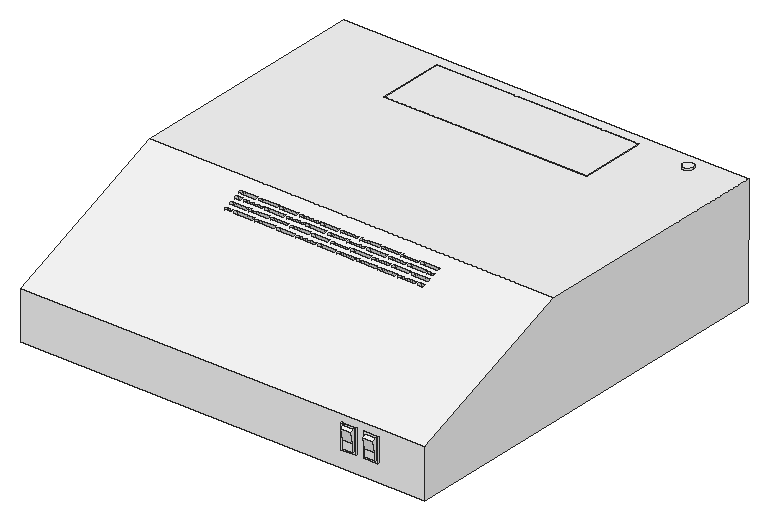
Revit family "QF_Summit_HC20WW_Under Cabinet Convertible Range Hood", category Specialty Equipment, Revit 2020 (continued)
Lines and regions (in)
  symbolic lines
    curve 155: spline (13.63454, -13.05744, 0) -> (13.61559, -13.05512, 0) -> (13.59794, -13.04831, 0) -> (13.58278, -13.03747, 0) -> (13.57114, -13.02335, 0) -> (13.56383, -13.00691, 0) -> (13.56134, -12.98926, 0) -> (13.56383, -12.97162, 0) -> (13.57114, -12.95517, 0) -> (13.58278, -12.94105, 0) -> (13.59794, -12.93022, 0) -> (13.61559, -12.9234, 0) -> (13.63454, -12.92108, 0)
    curve 156: line (13.63454, -12.92108, 0) -> (14.40287, -12.92108, 0)
    curve 157: spline (14.40287, -12.92108, 0) -> (14.42181, -12.9234, 0) -> (14.43947, -12.93022, 0) -> (14.45463, -12.94105, 0) -> (14.46626, -12.95517, 0) -> (14.47357, -12.97162, 0) -> (14.47607, -12.98926, 0) -> (14.47357, -13.00691, 0) -> (14.46626, -13.02335, 0) -> (14.45463, -13.03747, 0) -> (14.43947, -13.04831, 0) -> (14.42181, -13.05512, 0) -> (14.40287, -13.05744, 0)
    curve 158: line (14.80483, -12.77202, 0) -> (14.05213, -12.77202, 0)
    curve 159: spline (14.05213, -12.77202, 0) -> (14.03318, -12.7697, 0) -> (14.01553, -12.76289, 0) -> (14.00037, -12.75205, 0) -> (13.98873, -12.73793, 0) -> (13.98142, -12.72149, 0) -> (13.97893, -12.70384, 0) -> (13.98142, -12.6862, 0) -> (13.98873, -12.66975, 0) -> (14.00037, -12.65563, 0) -> (14.01553, -12.6448, 0) -> (14.03318, -12.63798, 0) -> (14.05213, -12.63566, 0)
    curve 160: line (14.05213, -12.63566, 0) -> (14.80483, -12.63566, 0)
    curve 161: spline (14.80483, -12.63566, 0) -> (14.82378, -12.63798, 0) -> (14.84143, -12.6448, 0) -> (14.85659, -12.65563, 0) -> (14.86823, -12.66975, 0) -> (14.87554, -12.6862, 0) -> (14.87803, -12.70384, 0) -> (14.87554, -12.72149, 0) -> (14.86823, -12.73793, 0) -> (14.85659, -12.75205, 0) -> (14.84143, -12.76289, 0) -> (14.82378, -12.7697, 0) -> (14.80483, -12.77202, 0)
    curve 162: line (14.05213, -13.21617, 0) -> (14.80483, -13.21617, 0)
    curve 163: spline (14.80483, -13.21617, 0) -> (14.82378, -13.2185, 0) -> (14.84143, -13.22531, 0) -> (14.85659, -13.23614, 0) -> (14.86823, -13.25027, 0) -> (14.87554, -13.26671, 0) -> (14.87803, -13.28436, 0) -> (14.87554, -13.302, 0) -> (14.86823, -13.31845, 0) -> (14.85659, -13.33257, 0) -> (14.84143, -13.3434, 0) -> (14.82378, -13.35021, 0) -> (14.80483, -13.35254, 0)
    curve 164: line (14.80483, -13.35254, 0) -> (14.05213, -13.35254, 0)
    curve 165: spline (14.05213, -13.35254, 0) -> (14.03318, -13.35021, 0) -> (14.01553, -13.3434, 0) -> (14.00037, -13.33257, 0) -> (13.98873, -13.31845, 0) -> (13.98142, -13.302, 0) -> (13.97893, -13.28436, 0) -> (13.98142, -13.26671, 0) -> (13.98873, -13.25027, 0) -> (14.00037, -13.23614, 0) -> (14.01553, -13.22531, 0) -> (14.03318, -13.2185, 0) -> (14.05213, -13.21617, 0)
    curve 166: line (14.60576, -13.52702, 0) -> (14.81159, -13.52702, 0)
    curve 167: spline (14.81159, -13.52702, 0) -> (14.83054, -13.52934, 0) -> (14.84819, -13.53615, 0) -> (14.86335, -13.54699, 0) -> (14.87498, -13.56111, 0) -> (14.8823, -13.57755, 0) -> (14.88479, -13.5952, 0) -> (14.8823, -13.61285, 0) -> (14.87498, -13.62929, 0) -> (14.86335, -13.64341, 0) -> (14.84819, -13.65425, 0) -> (14.83054, -13.66106, 0) -> (14.81159, -13.66338, 0)
    curve 168: line (14.81159, -13.66338, 0) -> (14.60576, -13.66338, 0)
    curve 169: spline (14.60576, -13.66338, 0) -> (14.58682, -13.66106, 0) -> (14.56916, -13.65425, 0) -> (14.554, -13.64341, 0) -> (14.54237, -13.62929, 0) -> (14.53506, -13.61285, 0) -> (14.53256, -13.5952, 0) -> (14.53506, -13.57755, 0) -> (14.54237, -13.56111, 0) -> (14.554, -13.54699, 0) -> (14.56916, -13.53615, 0) -> (14.58682, -13.52934, 0) -> (14.60576, -13.52702, 0)
    curve 170: line (14.81159, -13.05744, 0) -> (14.60576, -13.05744, 0)
    curve 171: spline (14.60576, -13.05744, 0) -> (14.58682, -13.05512, 0) -> (14.56916, -13.04831, 0) -> (14.554, -13.03747, 0) -> (14.54237, -13.02335, 0) -> (14.53506, -13.00691, 0) -> (14.53256, -12.98926, 0) -> (14.53506, -12.97162, 0) -> (14.54237, -12.95517, 0) -> (14.554, -12.94105, 0) -> (14.56916, -12.93022, 0) -> (14.58682, -12.9234, 0) -> (14.60576, -12.92108, 0)
    curve 172: line (14.60576, -12.92108, 0) -> (14.81159, -12.92108, 0)
    curve 173: spline (14.81159, -12.92108, 0) -> (14.83054, -12.9234, 0) -> (14.84819, -12.93022, 0) -> (14.86335, -12.94105, 0) -> (14.87498, -12.95517, 0) -> (14.8823, -12.97162, 0) -> (14.88479, -12.98926, 0) -> (14.8823, -13.00691, 0) -> (14.87498, -13.02335, 0) -> (14.86335, -13.03747, 0) -> (14.84819, -13.04831, 0) -> (14.83054, -13.05512, 0) -> (14.81159, -13.05744, 0)
    curve 174: line (5, -0.5, 0) -> (5, -3.75, 0)
    curve 175: line (5, -3.75, 0) -> (15, -3.75, 0)
    curve 176: line (15, -3.75, 0) -> (15, -0.5, 0)
    curve 177: line (15, -0.5, 0) -> (5, -0.5, 0)
Dimensions and locks (in)
  equal spacing: plane 3 "LEFT", plane 7 "Center Y", plane 4 "RIGHT"
  "Length": plane 3 "LEFT" to plane 4 "RIGHT"
  equal spacing: plane 5 "FRONT", plane 8 "Center X", plane 1 "BACK"
  "Depth": plane 5 "FRONT" to plane 1 "BACK"
  "Height": plane 6 "TOP" to level
  plane 9 to level = 2 3/8"
  plane 10 to plane 1 "BACK" = 12"
  plane 11 to plane 7 "Center Y" to plane 12 = 5 5/8" locked, 5 5/8" locked
  locked: plane 7 "Center Y" to plane 13 at 7.625
  plane 5 "FRONT" to plane 14 = 6"
  locked: plane 3 "LEFT" to plane 15 at 1.5
  locked: plane 16 to plane 4 "RIGHT" at 1.5
  plane 19 to plane 1 "BACK" = 1/2"
  plane 20 to plane 19 = 3 1/4"
  plane 22 to plane 7 "Center Y" to plane 23 = 5" locked, 5" locked
  plane 4 "RIGHT" to plane 3 "LEFT" = 20"
  aligned and locked: level to plane 2
  aligned and locked: Extrusion 2 to plane 4 "RIGHT"
  aligned and locked: plane 15 to Extrusion 1
  aligned and locked: plane 16 to Extrusion 3
  aligned and locked: Extrusion 3 to plane 4 "RIGHT"
  aligned and locked: Extrusion 2 to Extrusion 4
  aligned and locked: Extrusion 6 to Extrusion 5
  aligned and locked: Extrusion 11 to plane 6 "TOP"
Automatic sketch dimensions
  plane 1 "BACK" to curve 1 = 0"
  curve 1 to plane 3 "LEFT" = 0"
  curve 4 to plane 4 "RIGHT" = 0"
  plane 5 "FRONT" to curve 1 = 0"
  curve 2 to plane 10 = 0"
  curve 6 to plane 22 = 0.07362"
  curve 16 to plane 22 = 0.07362"
  curve 21 to plane 22 = 0.07362"
  curve 13 to plane 22 = 0.07362"
  curve 12 to curve 13 = 0.22927"
  curve 19 to curve 19 = 0.22927"
  curve 18 to curve 22 = 0.20664"
  curve 10 to curve 28 = 0.20664"
  curve 27 to curve 14 = 0.31679"
  curve 27 to curve 6 = 0.31679"
  curve 6 to curve 32 = 51/256"
  curve 14 to curve 38 = 51/256"
  curve 30 to curve 28 = 0.34607"
  curve 41 to curve 24 = 0.34607"
  curve 28 to curve 34 = 0.19575"
  curve 22 to curve 42 = 0.19575"
  curve 34 to curve 30 = 0.32027"
  curve 36 to curve 38 = 0.32027"
  curve 32 to curve 52 = 0.19575"
  curve 38 to curve 46 = 0.19575"
  curve 48 to curve 42 = 0.34607"
  curve 46 to curve 36 = 0.34607"
  curve 35 to curve 58 = 0.20509"
  curve 42 to curve 54 = 0.20509"
  curve 59 to curve 52 = 0.20155"
  curve 58 to curve 46 = 0.20155"
  curve 50 to curve 62 = 0.22071"
  curve 46 to curve 66 = 0.22071"
  curve 62 to curve 60 = 0.34607"
  curve 68 to curve 54 = 0.34607"
  curve 61 to curve 70 = 0.19575"
  curve 54 to curve 82 = 0.19575"
  curve 73 to curve 66 = 0.32027"
  curve 73 to curve 62 = 0.32027"
  curve 66 to curve 78 = 0.19575"
  curve 65 to curve 76 = 0.19575"
  curve 81 to curve 82 = 0.34607"
  curve 75 to curve 70 = 0.34607"
  curve 84 to curve 88 = 0.21604"
  curve 71 to curve 96 = 0.21604"
  curve 78 to plane 7 "Center Y" = 0.13267"
  curve 74 to plane 7 "Center Y" = 0.13267"
  plane 7 "Center Y" to curve 92 = 0.08338"
  plane 7 "Center Y" to curve 100 = 0.08338"
  curve 93 to curve 86 = 0.34607"
  curve 101 to curve 94 = 0.34607"
  curve 88 to curve 108 = 0.20509"
  curve 94 to curve 102 = 0.20509"
  curve 104 to curve 90 = 0.20155"
  curve 102 to curve 100 = 0.20155"
  curve 91 to curve 110 = 0.22071"
  curve 98 to curve 114 = 0.22071"
  curve 110 to curve 106 = 0.34607"
  curve 117 to curve 102 = 0.34607"
  curve 103 to curve 120 = 0.19575"
  curve 106 to curve 122 = 0.19575"
  curve 118 to curve 116 = 0.32027"
  curve 122 to curve 110 = 0.32027"
  curve 115 to curve 130 = 0.19575"
  curve 112 to curve 126 = 0.19575"
  curve 128 to curve 122 = 0.34607"
  curve 126 to curve 120 = 0.34607"
  curve 122 to curve 136 = 0.1994"
  curve 119 to curve 138 = 0.22595"
  curve 139 to curve 130 = 0.18068"
  curve 138 to curve 126 = 0.18068"
  curve 130 to curve 142 = 0.21604"
  curve 126 to curve 146 = 0.21604"
  curve 142 to curve 140 = 0.34607"
  curve 148 to curve 134 = 0.34607"
  curve 137 to curve 150 = 0.20509"
  curve 138 to curve 154 = 0.20509"
  curve 154 to curve 146 = 0.20155"
  curve 156 to curve 142 = 0.20155"
  curve 147 to curve 164 = 0.21604"
  curve 144 to curve 160 = 0.21604"
  curve 158 to curve 156 = 0.35074"
  curve 164 to curve 152 = 0.35074"
  curve 154 to curve 170 = 0.20289"
  curve 150 to curve 168 = 0.20289"
  curve 158 to plane 23 = 0.19517"
  curve 164 to plane 23 = 0.19517"
  curve 168 to plane 23 = 0.18841"
  curve 162 to curve 170 = 0.00676"
  plane 14 to curve 19 = 0.334"
  plane 14 to curve 88 = 0.33662"
  plane 14 to curve 168 = 0.33662"
  plane 14 to curve 84 = 0.33662"
  plane 14 to curve 124 = 0.33662"
  curve 88 to curve 108 = 0"
  plane 14 to curve 134 = 0.33662"
  plane 14 to curve 56 = 0.33662"
  plane 14 to curve 44 = 0.33662"
  curve 150 to curve 168 = 0"
  curve 18 to curve 24 = 0.00261"
  curve 19 to curve 21 = 0.13636"
  curve 108 to curve 106 = 0.13636"
  curve 24 to curve 22 = 0.13636"
  curve 150 to curve 152 = 0.13636"
  curve 55 to curve 54 = 0.13636"
  curve 134 to curve 136 = 0.13636"
  curve 123 to curve 122 = 0.13636"
  curve 44 to curve 42 = 0.13636"
  curve 84 to curve 82 = 0.13636"
  curve 87 to curve 86 = 0.13636"
  curve 167 to curve 166 = 0.13636"
  curve 54 to curve 48 = 0.17448"
  curve 25 to curve 16 = 0.17448"
  curve 83 to curve 80 = 0.24266"
  curve 109 to curve 92 = 0.17448"
  curve 16 to curve 40 = 0"
  curve 48 to curve 68 = 0"
  curve 167 to curve 164 = 0.17448"
  curve 91 to curve 110 = 0"
  curve 148 to curve 164 = 0"
  curve 128 to curve 148 = 0"
  curve 40 to curve 38 = 0.13636"
  curve 110 to curve 112 = 0.13636"
  curve 80 to curve 78 = 0.13636"
  curve 127 to curve 126 = 0.13636"
  curve 148 to curve 146 = 0.13636"
  curve 68 to curve 66 = 0.13636"
  curve 91 to curve 90 = 0.13636"
  curve 164 to curve 162 = 0.13636"
  curve 47 to curve 46 = 0.13636"
  curve 16 to curve 14 = 0.13636"
  curve 162 to curve 154 = 0.15873"
  curve 14 to curve 11 = 0.15873"
  curve 69 to curve 58 = 0.15873"
  curve 38 to curve 26 = 0.15873"
  curve 81 to curve 72 = 0.15873"
  curve 138 to curve 155 = 0"
  curve 90 to curve 96 = 0.15873"
  curve 120 to curve 138 = 0"
  curve 162 to curve 170 = 0.15873"
  curve 29 to curve 36 = 0"
  curve 96 to curve 104 = 0"
  curve 10 to curve 13 = 0.13636"
  curve 120 to curve 118 = 0.13636"
  curve 103 to curve 102 = 0.13636"
  curve 138 to curve 140 = 0.13636"
  curve 35 to curve 34 = 0.13636"
  curve 71 to curve 70 = 0.13636"
  curve 170 to curve 172 = 0.13636"
  curve 58 to curve 60 = 0.13636"
  curve 154 to curve 156 = 0.13636"
  curve 96 to curve 94 = 0.13636"
  curve 26 to curve 28 = 0.13636"
  curve 119 to curve 130 = 0.21724"
  curve 73 to curve 62 = 0.14906"
  curve 172 to curve 158 = 0.14906"
  curve 34 to curve 30 = 0.14906"
  curve 8 to curve 31 = 0"
  curve 102 to curve 100 = 0.14906"
  curve 74 to curve 100 = 0"
  curve 142 to curve 158 = 0"
  curve 116 to curve 130 = 0"
  curve 50 to curve 63 = 0"
  curve 62 to curve 64 = 0.13636"
  curve 158 to curve 160 = 0.13636"
  curve 130 to curve 132 = 0.13636"
  curve 115 to curve 114 = 0.13636"
  curve 74 to curve 76 = 0.13636"
  curve 30 to curve 32 = 0.13636"
  curve 50 to curve 52 = 0.13636"
  curve 7 to curve 6 = 0.13636"
  curve 142 to curve 144 = 0.13636"
  curve 100 to curve 98 = 0.13636"
  curve 17 to plane 22 = 0.00042"
  curve 9 to plane 22 = 0.00042"
  curve 12 to plane 22 = 0.00042"
  curve 20 to plane 22 = 0.00042"
  curve 10 to curve 10 = 0.0732"
  curve 18 to curve 18 = 0.0732"
  curve 27 to curve 27 = 0.0732"
  curve 25 to curve 25 = 0.0732"
  curve 15 to curve 15 = 0.0732"
  curve 7 to curve 7 = 0.0732"
  curve 31 to curve 31 = 0.0732"
  curve 41 to curve 41 = 0.0732"
  curve 23 to curve 23 = 0.0732"
  curve 29 to curve 29 = 0.0732"
  curve 37 to curve 37 = 0.0732"
  curve 45 to curve 45 = 0.0732"
  curve 33 to curve 33 = 0.0732"
  curve 39 to curve 39 = 0.0732"
  curve 49 to curve 49 = 0.0732"
  curve 51 to curve 51 = 0.0732"
  curve 43 to curve 43 = 0.0732"
  curve 35 to curve 35 = 0.0732"
  curve 57 to curve 57 = 0.0732"
  curve 59 to curve 59 = 0.0732"
  curve 47 to curve 47 = 0.0732"
  curve 53 to curve 53 = 0.0732"
  curve 63 to curve 63 = 0.0732"
  curve 69 to curve 69 = 0.0732"
  curve 55 to curve 55 = 0.0732"
  curve 61 to curve 61 = 0.0732"
  curve 73 to curve 73 = 0.0732"
  curve 85 to curve 85 = 0.0732"
  curve 67 to curve 67 = 0.0732"
  curve 65 to curve 65 = 0.0732"
  curve 81 to curve 81 = 0.0732"
  curve 75 to curve 75 = 0.0732"
  curve 71 to curve 71 = 0.0732"
  curve 83 to curve 83 = 0.0732"
  curve 97 to curve 97 = 0.0732"
  curve 89 to curve 89 = 0.0732"
  curve 79 to curve 79 = 0.0732"
  curve 77 to curve 77 = 0.0732"
  plane 7 "Center Y" to curve 93 = 0.01018"
  plane 7 "Center Y" to curve 101 = 0.01018"
  curve 87 to curve 87 = 0.0732"
  curve 95 to curve 95 = 0.0732"
  curve 109 to curve 109 = 0.0732"
  curve 105 to curve 105 = 0.0732"
  curve 91 to curve 91 = 0.0732"
  curve 99 to curve 99 = 0.0732"
  curve 111 to curve 111 = 0.0732"
  curve 117 to curve 117 = 0.0732"
  curve 107 to curve 107 = 0.0732"
  curve 103 to curve 103 = 0.0732"
  curve 121 to curve 121 = 0.0732"
  curve 125 to curve 125 = 0.0732"
  curve 113 to curve 113 = 0.0732"
  curve 115 to curve 115 = 0.0732"
  curve 129 to curve 129 = 0.0732"
  curve 131 to curve 131 = 0.0732"
  curve 123 to curve 123 = 0.0732"
  curve 119 to curve 119 = 0.0732"
  curve 135 to curve 135 = 0.0732"
  curve 139 to curve 139 = 0.0732"
  curve 133 to curve 133 = 0.0732"
  curve 127 to curve 127 = 0.0732"
  curve 143 to curve 143 = 0.0732"
  curve 149 to curve 149 = 0.0732"
  curve 137 to curve 137 = 0.0732"
  curve 141 to curve 141 = 0.0732"
  curve 151 to curve 151 = 0.0732"
  curve 155 to curve 155 = 0.0732"
  curve 147 to curve 147 = 0.0732"
  curve 145 to curve 145 = 0.0732"
  curve 165 to curve 165 = 0.0732"
  curve 159 to curve 159 = 0.0732"
  curve 157 to curve 157 = 0.0732"
  curve 153 to curve 153 = 0.0732"
  curve 169 to curve 169 = 0.0732"
  curve 171 to curve 171 = 0.0732"
  curve 161 to curve 161 = 0.0732"
  curve 163 to curve 163 = 0.0732"
  curve 173 to curve 173 = 0.0732"
  curve 167 to curve 167 = 0.0732"
  Extrusion 1 sketch curve to plane 5 "FRONT" = 0"
  Extrusion 1 sketch curve to plane 6 "TOP" = 0"
  Extrusion 1 sketch curve to plane 10 = 0"
  Extrusion 1 sketch curve to level = 0"
  Extrusion 1 sketch curve to plane 1 "BACK" = 0"
  Extrusion 1 sketch curve to plane 9 = 0"
  Extrusion 2 sketch curve to level = 0"  (x2)
  Extrusion 2 sketch curve to plane 5 "FRONT" = 0"
  Extrusion 2 sketch curve to plane 14 = 0"
  Extrusion 2 sketch curve to plane 6 "TOP" = 0"
  Extrusion 2 sketch curve to plane 10 = 0"
  Extrusion 2 sketch curve to plane 19 = 0"
  Extrusion 2 sketch curve to plane 1 "BACK" = 0"
  Extrusion 2 sketch curve to plane 9 = 0"
  Extrusion 2 sketch curve to plane 6 "TOP" = 0.07428"
  Extrusion 2 sketch curve to plane 8 "Center X" = 0.81598"
  Extrusion 2 sketch curve to plane 6 "TOP" = 1.31804"
  Extrusion 3 sketch curve to plane 5 "FRONT" = 0"
  Extrusion 3 sketch curve to plane 6 "TOP" = 0"
  Extrusion 3 sketch curve to plane 10 = 0"
  Extrusion 3 sketch curve to level = 0"
  Extrusion 3 sketch curve to plane 1 "BACK" = 0"
  Extrusion 3 sketch curve to plane 9 = 0"
  Extrusion 1 to Extrusion 4 sketch curve = 0.68244"  (x2)
  Extrusion 4 sketch curve to Extrusion 4 sketch curve = 0"  (x27)
  Extrusion 4 sketch curve to Extrusion 4 sketch curve = 0.0732"  (x42)
  Extrusion 4 sketch curve to Extrusion 4 sketch curve = 0.16003"  (x6)
  Extrusion 4 sketch curve to Extrusion 4 sketch curve = 0.17041"  (x5)
  Extrusion 4 sketch curve to Extrusion 4 sketch curve = 0.18732"  (x4)
  Extrusion 4 sketch curve to Extrusion 4 sketch curve = 0.00281"
  Extrusion 1 to Extrusion 4 sketch curve = 13.31409"
  Extrusion 4 sketch curve to Extrusion 4 sketch curve = 0.00676"  (x2)
  Extrusion 4 sketch curve to Extrusion 4 sketch curve = 0.20583"  (x2)
  Extrusion 4 sketch curve to Extrusion 4 sketch curve = 0.20289"  (x2)
  Extrusion 4 sketch curve to Extrusion 4 sketch curve = 0.35074"  (x2)
  Extrusion 4 sketch curve to Extrusion 4 sketch curve = 0.21604"  (x8)
  Extrusion 4 sketch curve to Extrusion 4 sketch curve = 0.20155"  (x6)
  Extrusion 4 sketch curve to Extrusion 4 sketch curve = 0.20509"  (x6)
  Extrusion 4 sketch curve to Extrusion 4 sketch curve = 0.34607"  (x16)
  Extrusion 4 sketch curve to Extrusion 4 sketch curve = 0.18068"
  Extrusion 4 sketch curve to Extrusion 4 sketch curve = 0.20724"
  Extrusion 4 sketch curve to Extrusion 4 sketch curve = 0.22595"
  Extrusion 4 sketch curve to Extrusion 4 sketch curve = 0.1994"
  Extrusion 4 sketch curve to Extrusion 4 sketch curve = 0.19575"  (x12)
  Extrusion 4 sketch curve to Extrusion 4 sketch curve = 0.32027"  (x6)
  Extrusion 4 sketch curve to Extrusion 4 sketch curve = 0.22071"  (x4)
  Extrusion 4 sketch curve to Extrusion 4 sketch curve = 0.19059"  (x2)
  Extrusion 4 sketch curve to Extrusion 4 sketch curve = 51/256"  (x2)
  Extrusion 4 sketch curve to Extrusion 4 sketch curve = 0.31679"  (x2)
  Extrusion 4 sketch curve to Extrusion 4 sketch curve = 0.20664"  (x2)
  Extrusion 4 sketch curve to Extrusion 4 sketch curve = 0.22927"  (x2)
  plane 20 to Extrusion 5 sketch curve = 0"
  Extrusion 5 sketch curve to plane 7 "Center Y" = 0"
  Extrusion 5 sketch curve to plane 22 = 1 1/2"
  plane 20 to Extrusion 6 sketch curve = 0"
  Extrusion 6 sketch curve to plane 22 = 0"
  Extrusion 6 sketch curve to plane 23 = 0"
  plane 19 to Extrusion 6 sketch curve = 0"
  Extrusion 6 sketch curve to plane 22 = 1/4"
  Extrusion 6 sketch curve to plane 23 = 1/4"
  Extrusion 6 sketch curve to plane 20 = 1/4"
  plane 19 to Extrusion 6 sketch curve = 1/4"
  Extrusion 7 sketch curve to plane 11 = 0"
  Extrusion 7 sketch curve to plane 12 = 0"
  Extrusion 7 sketch curve to plane 14 = 0"
  plane 19 to Extrusion 7 sketch curve = 0"
  Extrusion 7 sketch curve to plane 11 = 1/4"
  Extrusion 7 sketch curve to plane 12 = 1/4"
  plane 14 to Extrusion 7 sketch curve = 1/4"
  plane 19 to Extrusion 7 sketch curve = 1/4"
  Extrusion 8 sketch curve to Extrusion 2 = 0"  (x4)
  Extrusion 2 to Extrusion 8 sketch curve = 0.15581"
  Extrusion 8 sketch curve to Extrusion 2 = 0.08943"
  Extrusion 9 sketch curve to Extrusion 6 = 0"  (x4)
  Extrusion 1 to Extrusion 10 sketch curve = 3 3/4"
  Extrusion 1 to Extrusion 10 sketch curve = 1/2"
  Extrusion 10 sketch curve to Extrusion 1 = 13 1/2"
  Extrusion 10 sketch curve to Extrusion 1 = 3 1/2"
  Extrusion 11 sketch curve to plane 13 = 0"
  plane 19 to Extrusion 11 sketch curve = 67/256"
  Extrusion 12 sketch curve to Extrusion 1 = 55/64"  (x2)
  Extrusion 1 to Extrusion 12 sketch curve = 21/64"  (x2)
  Extrusion 12 sketch curve to Extrusion 1 = 16.21161"
  Extrusion 12 sketch curve to Extrusion 12 sketch curve = 0.70845"  (x2)
  Extrusion 12 sketch curve to Extrusion 12 sketch curve = 0.3853"
  plane 5 "FRONT" to Extrusion 13 sketch curve = 0.22258"
  plane 5 "FRONT" to Extrusion 13 sketch curve = 0.09635"
  plane 5 "FRONT" to Extrusion 13 sketch curve = 0.04539"
  level to Extrusion 13 sketch curve = 0.96231"
  Extrusion 13 sketch curve to Extrusion 13 sketch curve = 0.38074"
  Extrusion 13 sketch curve to plane 9 = 0.48516"
  Extrusion 13 sketch curve to Extrusion 13 sketch curve = 0.08263"
  plane 5 "FRONT" to Extrusion 14 sketch curve = 0.22258"
  plane 5 "FRONT" to Extrusion 14 sketch curve = 0.09635"
  plane 5 "FRONT" to Extrusion 14 sketch curve = 0.04539"
  level to Extrusion 14 sketch curve = 0.96231"
  Extrusion 14 sketch curve to Extrusion 14 sketch curve = 0.38074"
  Extrusion 14 sketch curve to plane 9 = 0.48516"
  Extrusion 14 sketch curve to Extrusion 14 sketch curve = 0.08263"
  plane 19 to curve 177 = 0"
  curve 177 to plane 22 = 0"
  curve 177 to plane 23 = 0"
  plane 20 to curve 175 = 0"
  radius of Extrusion 11 sketch curve = 1/4"
Connectors (in)
  electrical at (17.625, -0.76172, 5.57173), driven by "Volts", driven by "Apparent Power"
    settings: on Extrusion 11, index 2, voltage 115 V, apparent load 195.5 VA, apparent load phase1 0 VA, apparent load phase2 0 VA, apparent load phase3 0 VA, power factor 1, load classification "Other", number of poles 1, system type 30, power factor state 1, is connector primary yes, connector utility no, sub classification motor no, connector description "Electrical Inlet"
  hvac at (10, -2.125, 5.5), driven by "Exhaust Volume"
    settings: on cut or joined group of Extrusion 1, Extrusion 2, Extrusion 3, Extrusion 4, Extrusion 5, Extrusion 6, Extrusion 9, index 3, duct flow 270 CFM, flow factor 0, pres drop 0.00 in-wg, loss coef 0, conn angle 0.00°, conn width 10", conn height 3 1/4", conn diameter 24", duct sys type 1, conn prof type 1, flow config 1, flow direction 1, loss method 0, conn ref index -1, conn util no, is conn primary yes, conn desc "Make Up Air"
